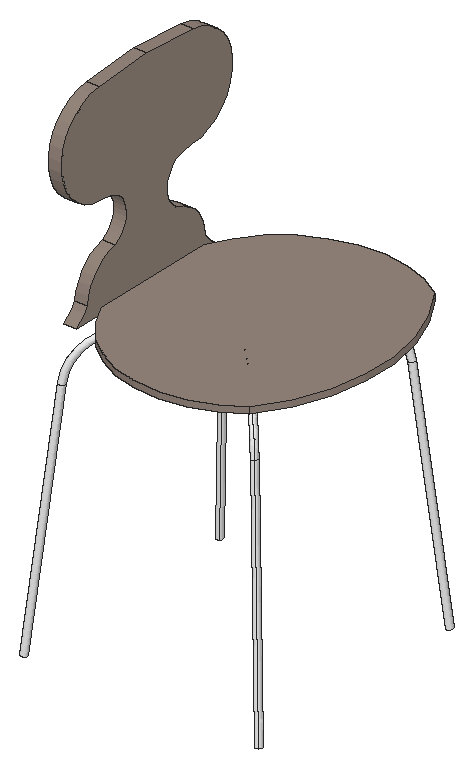
Revit family "Chair 2", category Furniture, Revit 2025
Family settings
  Work Plane-Based = No
  Enable Cutting in Views = No
  Always vertical = Yes
  Cut with Voids When Loaded = No
  Render Appearance Source = Family Geometry
  Shared = No
  Room Calculation Point = No
Parameters
  Type Comments = "J"
  Keynote = "D"
  Manufacturer = ""
  Default Elevation = 0 mm
  Bracket Material = Herman Miller - Finish 47 Trivalent Chrome
  Model = ""
  Cushion/Chair Back Material = Herman Miller - Veneer Z5 Maple
  BG_DIM_Width1 [instance] = 1600 mm
  BG_DIM_Height1 [instance] = 1000 mm
  BG_DIM_Depth1 [instance] = 400 mm
  Assembly Code = "Ase2"
Reference planes
  plane 1 "Center F/B": y = -198.997
  plane 2: z = 0
  plane 3 "Center L/R": x = -1.022
Forms (mm)
  Sweep 1, solid, material "Herman Miller - Finish 47 Trivalent Chrome" <- "Bracket Material"
    path origin (61.052, -65.204, 45) x (0, 0, -1) y (0.707107, -0.707107, 0)
      loop
        line (45, -82.843) -> (-332.364, -36.508)
        arc (-332.364, -36.508) -> (-382.531, -10.114) -> (-402.615, 42.895) r 80
        line (-402.615, 42.895) -> (-402.615, 181.322)
    profile origin (18.855, -23.007, 188.682) x (-0.701836, 0.701836, 0.121869) y (-0.707107, -0.707107, 0)
      loop
        circle (0, 0) r 5
  Sweep 2, solid, material "Herman Miller - Finish 47 Trivalent Chrome" <- "Bracket Material"
    path origin (57.516, -325.168, 45) x (0, 0, -1) y (0.707107, 0.707107, 0)
      loop
        line (45, -82.843) -> (-332.364, -36.508)
        arc (-332.364, -36.508) -> (-382.531, -10.114) -> (-402.615, 42.895) r 80
        line (-402.615, 42.895) -> (-402.615, 181.322)
    profile origin (15.319, -367.364, 188.682) x (-0.701836, -0.701836, 0.121869) y (0.707107, -0.707107, 0)
      loop
        circle (0, 0) r 5
  Sweep 3, solid, material "Herman Miller - Finish 47 Trivalent Chrome" <- "Bracket Material"
    path origin (303.338, -65.204, 45) x (0, 0, -1) y (0.707107, 0.707107, 0)
      loop
        line (45, 82.843) -> (-332.364, 36.508)
        arc (-332.364, 36.508) -> (-382.531, 10.114) -> (-402.615, -42.895) r 80
        line (-402.615, -42.895) -> (-402.615, -181.322)
    profile origin (345.535, -23.007, 188.682) x (0.701836, 0.701836, 0.121869) y (-0.707107, 0.707107, 0)
      loop
        circle (0, 0) r 5
  Sweep 4, solid, material "Herman Miller - Finish 47 Trivalent Chrome" <- "Bracket Material"
    path origin (306.873, -325.168, 45) x (0, 0, -1) y (0.707107, -0.707107, 0)
      loop
        line (45, 82.843) -> (-332.364, 36.508)
        arc (-332.364, 36.508) -> (-382.531, 10.114) -> (-402.615, -42.895) r 80
        line (-402.615, -42.895) -> (-402.615, -181.322)
    profile origin (349.07, -367.364, 188.682) x (0.701836, -0.701836, 0.121869) y (0.707107, 0.707107, 0)
      loop
        circle (0, 0) r 5
  Extrusion 5, solid, material "Herman Miller - Veneer Z5 Maple" <- "Cushion/Chair Back Material"
    sketch origin (0, 0, 0) x (1, 0, 0) y (0, 1, 0)
      loop
        arc (340, -9.099) -> (152.776, 17.913) -> (32.728, -128.274) r 192.616
        line (32.728, -128.274) -> (32.728, -249.923)
        arc (32.728, -249.923) -> (152.776, -396.11) -> (340, -369.099) r 192.616
        arc (340, -369.099) -> (400.673, -189.099) -> (340, -9.099) r 297.34
    from 450 to 460
  Extrusion 6, solid, material "Herman Miller - Veneer Z5 Maple" <- "Cushion/Chair Back Material"
    sketch origin (390, -409.099, -27.081) x (0, 0, -1) y (0, 1, 0)
      loop
        arc (-498.809, 95.839) -> (-486.21, 86.065) -> (-477.081, 72.99) r 53.087
        line (-477.081, 72.99) -> (-477.081, 347.212)
        arc (-477.081, 347.212) -> (-486.21, 334.138) -> (-498.809, 324.364) r 53.087
        arc (-498.809, 324.364) -> (-539.073, 308.301) -> (-561.143, 270.989) r 67.175
        arc (-561.143, 270.989) -> (-601.737, 249.17) -> (-634.197, 281.887) r 38.521
        line (-634.197, 281.887) -> (-636.604, 298.938)
        arc (-636.604, 298.938) -> (-714.694, 376.726) -> (-796.127, 302.444) r 79.872
        line (-796.127, 302.444) -> (-802.584, 210.101) -> (-796.127, 117.759)
        arc (-796.127, 117.759) -> (-714.694, 43.477) -> (-636.604, 121.265) r 79.872
        line (-636.604, 121.265) -> (-634.197, 138.316)
        arc (-634.197, 138.316) -> (-601.737, 171.033) -> (-561.143, 149.213) r 38.521
        arc (-561.143, 149.213) -> (-539.073, 111.901) -> (-498.809, 95.839) r 67.175
    from -367.272 to -347.272
Dimensions and locks
  aligned and locked: plane 1 "Center F/B" to Extrusion 6
